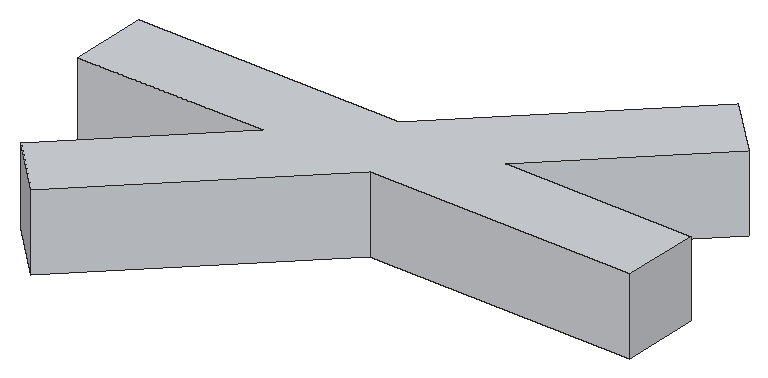
Revit family "DuctFitting_Rectangle_Cross", category Duct Fittings, Revit 2020
Family settings
  Round Connector Dimension = Use Diameter
  Part Type = Cross
  Work Plane-Based = No
  Always vertical = Yes
  Cut with Voids When Loaded = No
  Shared = No
Parameters
  Width [instance] = 350 mm
  Branch pipe length 2 [instance] = 1300 mm
  Branch pipe length 1 [instance] = 1300 mm
  Intersection to the leftside [instance] = 1273.26 mm
  Intersection to the rightside [instance] = 1273.26 mm
  Height [instance] = 350 mm
  Default Elevation = 0 mm
  Angle 2 [instance] = Angle  # 45.00°
  Angle [instance] = 45.00°
Reference planes
  plane 1 "Center (Front/Back)": y = 0
  plane 2: z = 0
  plane 3 "Center (Left/Right)": x = 0
Forms (mm)
  Sweep 1, solid
    path origin (0, 0, 0) x (1, 0, 0) y (0, 1, 0)
      loop
        line (1273.26, 0) -> (0, 0) -> (-1273.26, 0)
    profile origin (-636.63, 0, 0) x (0, -1, 0) y (0, 0, 1)
      loop
        line (175, -175) -> (175, 175) -> (-175, 175) -> (-175, -175) -> (175, -175)
  Sweep 2, solid
    path origin (0, 0, 0) x (1, 0, 0) y (0, 1, 0)
      loop
        line (-919.239, -919.239) -> (0, 0) -> (919.239, 919.239)
    profile origin (459.619, 459.619, 0) x (-0.707107, 0.707107, 0) y (0, 0, 1)
      loop
        line (175, -175) -> (175, 175) -> (-175, 175) -> (-175, -175) -> (175, -175)
Cuts and joins
  joined: Sweep 1, Sweep 2
Dimensions and locks
  equal spacing: Sweep 1 sketch curve, profile plane, Sweep 1 sketch curve  (x2)
  "Height": Sweep 1 sketch curve to Sweep 1 sketch curve
  "Width": Sweep 1 sketch curve to Sweep 1 sketch curve
  equal spacing: Sweep 2 sketch curve, profile plane, Sweep 2 sketch curve  (x2)
  "Height": Sweep 2 sketch curve to Sweep 2 sketch curve
  "Width": Sweep 2 sketch curve to Sweep 2 sketch curve
  "Intersection to the leftside": Sweep 1 sketch curve to Sweep 1 sketch curve
  "Intersection to the rightside": Sweep 1 sketch curve to Sweep 1 sketch curve
  "Branch pipe length 1": Sweep 2 sketch curve to Sweep 2 sketch curve
  "Branch pipe length 2": Sweep 2 sketch curve to Sweep 2 sketch curve
  "Angle 2": angle plane 1 "Center (Front/Back)" to Sweep 2 sketch curve
  "Angle": angle plane 1 "Center (Front/Back)" to Sweep 2 sketch curve
  aligned and locked: level to plane 2
Automatic sketch dimensions
  plane 1 "Center (Front/Back)" to Sweep 1 sketch curve = 0 mm
  Sweep 1 sketch curve to plane 3 "Center (Left/Right)" = 0 mm
  plane 1 "Center (Front/Back)" to Sweep 2 sketch curve = 0 mm
  Sweep 2 sketch curve to plane 3 "Center (Left/Right)" = 0 mm
Connectors
  hvac at (-1273.26, 0, 0)
    settings: on cut or joined group of Sweep 1, Sweep 2, index 1, duct flow 0.0 L/s, flow factor 0, pres drop 0.0 Pa, loss coef 0, conn angle 0.00°, conn width 304.8 mm, conn height 304.8 mm, conn diameter 609.6 mm, duct sys type 3, conn prof type 1, flow config 0, flow direction 0, loss method 0, conn ref index -1, conn util no, is conn primary yes, conn desc ""
  hvac at (1273.26, 0, 0)
    settings: on cut or joined group of Sweep 1, Sweep 2, index 2, duct flow 0.0 L/s, flow factor 0, pres drop 0.0 Pa, loss coef 0, conn angle 0.00°, conn width 304.8 mm, conn height 304.8 mm, conn diameter 609.6 mm, duct sys type 3, conn prof type 1, flow config 0, flow direction 0, loss method 0, conn ref index -1, conn util no, is conn primary no, conn desc ""
  hvac at (919.239, 919.239, 0)
    settings: on cut or joined group of Sweep 1, Sweep 2, index 3, duct flow 0.0 L/s, flow factor 0, pres drop 0.0 Pa, loss coef 0, conn angle 0.00°, conn width 304.8 mm, conn height 304.8 mm, conn diameter 609.6 mm, duct sys type 3, conn prof type 1, flow config 0, flow direction 0, loss method 0, conn ref index -1, conn util no, is conn primary no, conn desc ""
  hvac at (-919.239, -919.239, 0)
    settings: on cut or joined group of Sweep 1, Sweep 2, index 4, duct flow 0.0 L/s, flow factor 0, pres drop 0.0 Pa, loss coef 0, conn angle 0.00°, conn width 304.8 mm, conn height 304.8 mm, conn diameter 609.6 mm, duct sys type 3, conn prof type 1, flow config 0, flow direction 0, loss method 0, conn ref index -1, conn util no, is conn primary no, conn desc ""
